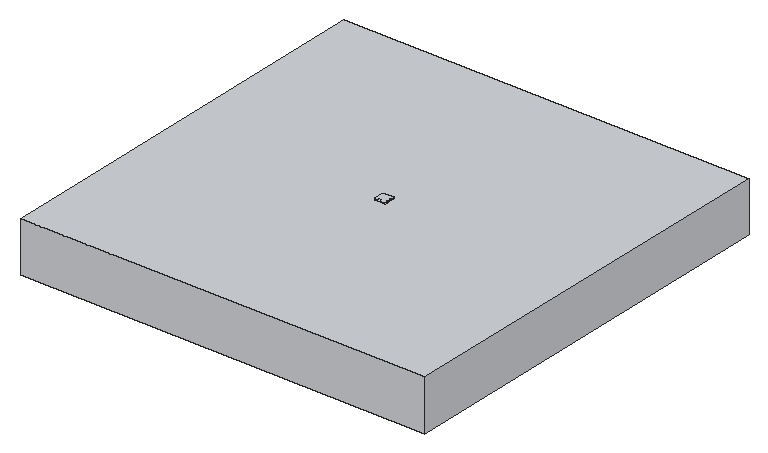
Revit family "Gira_540300rfa", category Allgemeines Modell, Revit 2017
Family settings
  Basisbauteil = Fläche
  Kann Basisbauteil für Bewehrung sein = Nein
  Bemaßung runder Anschluss = Durchmesser verwenden
  Teiletyp = Normal
  Beim Laden mit Abzugskörper schneiden = Nein
  Gemeinsam genutzt = Nein
  Raumberechnungspunkt = Nein
Parameters
  With memory function = no
  With glass breaking detector connection = no
  With brightness sensor connection = no
  With Astro program = no
  Default Elevation = 1219.2 mm
  URL = "https://www.gira.de/"
  Typname = "S3000 relay swit.ins. Insert"
  Type of load = "Other"
  Type of fastening = "Mounting with claw and screw"
  Transparent = no
  Through loss at 860 MHz [B] = 0.1
  Through loss at 2150 MHz [B] = 0.1
  Switch-off protection = no
  Surface protection = "Other"
  Surface finishing = "Not applicable"
  Suitable for wind sensor = no
  Suitable for rain sensor = no
  Suitable for degree of protection (IP) = "IP20"
  Substation input = yes
  Shielded housing = no
  Shielded buses = yes
  Serial dimmer = no
  Separate strain relief = yes
  Random generator = no
  Productwebsite = "http://katalog.gira.de/en/datenblatt.html?artikelnr=540300"
  Nominal voltage [Volt] 3 = "[230:230]"
  Nominal voltage [Volt] 2 = "[230:230]"
  Nominal voltage [Volt] = 230
  Mounting method shielding connection = "Screw"
  Mounting method = "Flush mounted (plaster)"
  Model = "Relay"
  Method of operation = "Turn/push button"
  Mechanical coding = no
  Max. switching power [Voltampere] = 1000
  Material quality = "Other"
  Material = "Other"
  Light value memory = no
  Integrated timer = no
  Hersteller = "Gira"
  Halogen free = no
  HAN = "540300"
  GTIN = "4010337048282"
  Frequency [Hz] = "[50:60]"
  Dimming phase cut-on = yes
  Dimming phase cut-off = yes
  Degree of protection (IP) = "IP20"
  Data sheet = "https://katalog.gira.de/en/download.html?artikelnr=540300"
  Connection type = "Screwed terminal"
  Colour = "Other"
  Category = "Other"
  Beschreibung = "S3000 relay swit.ins. Ins.,System 3000 relay switching insert,,,Features:,- Switching of lighting and single-phase motors.,- Adaptive zero-point switch-off,- Connecting auxiliary units is possible.,- The load is switched off automatically. Delay times can be set to one of five levels, cannot be re-triggered.,- Test run for function testing.,- Operation with neutral conductor connection.,,Notes :,- If the ambient temperature is higher than 35 C, the connected load must be reduced."
  BIM = "https://media.stage.bim.site/public/gira/290f3eb/Einsatz_1fach.rfa"
  Assembly arrangement = "Basic element"
  Applicable with transmission button = no
  Applicable with time switch/timer = no
  Applicable with presence indicator = yes
  Applicable with movement sensor = yes
  Applicable with infrared button = no
  Applicable with button = yes
  App control via Bluetooth = no
Reference planes
  plane 1 "Center (Front/Back)": y = 0
  plane 2: z = 0
  plane 3 "Center (Left/Right)": x = 0
Forms (mm)
  Extrusion 1, solid
    sketch origin (0, 0, 0) x (1, 0, 0) y (0, 1, 0)
      loop
        line (-1219.2, 1219.2) -> (-1219.2, -1219.2) -> (1219.2, -1219.2) -> (1219.2, 1219.2) -> (-1219.2, 1219.2)
    from 0 to -304.8
  Extrusion 2, solid, detail levels fine
    sketch origin (0, 0, 0) x (1, 0, 0) y (0, 1, 0)
      loop
        line (27.475, 35.475) -> (-27.475, 35.475)
        arc (-27.475, 35.475) -> (-33.132, 33.132) -> (-35.475, 27.475) r 8
        line (-35.475, 27.475) -> (-35.475, -27.475)
        arc (-35.475, -27.475) -> (-33.132, -33.132) -> (-27.475, -35.475) r 8
        line (-27.475, -35.475) -> (27.475, -35.475)
        arc (27.475, -35.475) -> (33.132, -33.132) -> (35.475, -27.475) r 8
        line (35.475, -27.475) -> (35.475, 27.475)
        arc (35.475, 27.475) -> (33.132, 33.132) -> (27.475, 35.475) r 8
    from 0 to 1.8
  Extrusion 3, solid, detail levels fine
    sketch origin (0, 0, 0) x (1, 0, 0) y (0, 1, 0)
      loop
        line (9.678, 25.4) -> (-9.678, 25.4)
        arc (-9.678, 25.4) -> (-12.885, 24.922) -> (-15.814, 23.53) r 11
        arc (-15.814, 23.53) -> (-17.795, 22.07) -> (-19.641, 20.444) r 28.35
        arc (-19.641, 20.444) -> (-21.339, 18.665) -> (-22.876, 16.745) r 28.35
        arc (-22.876, 16.745) -> (-24.456, 13.666) -> (-25, 10.248) r 11
        line (-25, 10.248) -> (-25, -10.248)
        arc (-25, -10.248) -> (-24.456, -13.666) -> (-22.876, -16.745) r 11
        arc (-22.876, -16.745) -> (-20.409, -19.677) -> (-17.569, -22.25) r 28.35
        line (-17.569, -22.25) -> (17.569, -22.25)
        arc (17.569, -22.25) -> (20.409, -19.677) -> (22.876, -16.745) r 28.35
        arc (22.876, -16.745) -> (24.456, -13.666) -> (25, -10.248) r 11
        line (25, -10.248) -> (25, 10.248)
        arc (25, 10.248) -> (24.456, 13.666) -> (22.876, 16.745) r 11
        arc (22.876, 16.745) -> (21.593, 18.37) -> (20.195, 19.897) r 28.35
        arc (20.195, 19.897) -> (18.096, 21.823) -> (15.814, 23.53) r 28.35
        arc (15.814, 23.53) -> (12.885, 24.922) -> (9.678, 25.4) r 11
    from 0 to -22
  Extrusion 4, solid, detail levels medium
    sketch origin (0, 0, 0) x (1, 0, 0) y (0, 1, 0)
      loop
        line (-25, 25.4) -> (-25, -22.25) -> (25, -22.25) -> (25, 25.4) -> (-25, 25.4)
    from 0 to -22
  Extrusion 5, solid, detail levels coarse
    sketch origin (0, 0, 0) x (1, 0, 0) y (0, 1, 0)
      loop
        line (35.475, 35.475) -> (-35.475, 35.475) -> (-35.475, -35.475) -> (35.475, -35.475) -> (35.475, 35.475)
    from -22 to 1.8
  Extrusion 6, solid, detail levels medium
    sketch origin (0, 0, 0) x (1, 0, 0) y (0, 1, 0)
      loop
        line (35.475, 35.475) -> (-35.475, 35.475) -> (-35.475, -35.475) -> (35.475, -35.475) -> (35.475, 35.475)
    from 0 to 1.8
Dimensions and locks
  aligned and locked: plane 2 to Extrusion 1
  aligned and locked: level to Extrusion 1
Connectors
  electrical at (0, 0, -22)
    settings: on Extrusion 5, index 1, voltage 220 V, apparent load 0 VA, apparent load phase1 0 VA, apparent load phase2 0 VA, apparent load phase3 0 VA, power factor 1, load classification "Other", number of poles 1, system type 30, power factor state 1, is connector primary yes, connector utility no, sub classification motor no, connector description ""
